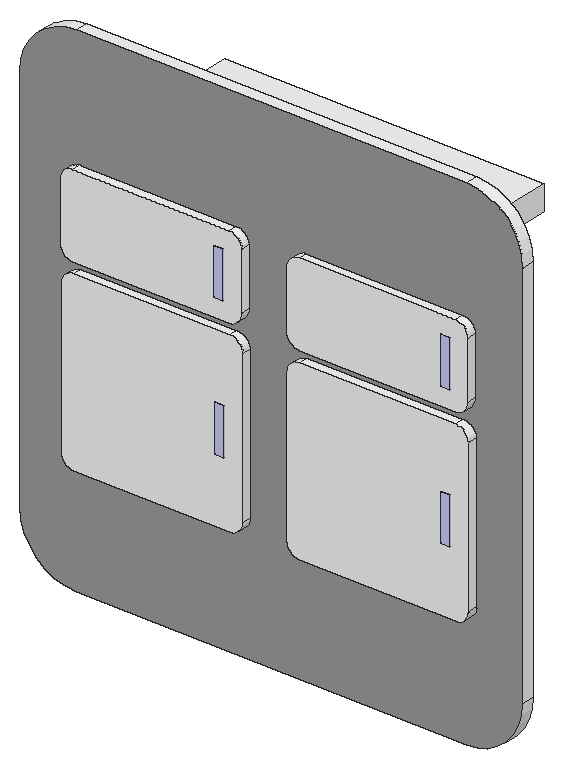
Revit family "EF_Veti-4x4-4-Lever-Switch-Horizontal-2-Narrow-2- Broad", category Electrical Fixtures, Revit 2016
Family settings
  Maintain Annotation Orientation = No
  Part Type = Switch
  Round Connector Dimension = Use Diameter
  Work Plane-Based = No
  Always vertical = Yes
  Cut with Voids When Loaded = No
  Shared = No
  Room Calculation Point = No
Parameters (values of type "4 Lever Switch Horizontal 2 Narrow 2 Broad")
  Voltage_x = 220 V
  URL for TCP = "http://www.tcpbim.co.za"
  URL = "http://www.major-tech.com/15-veti"
  Type Comments = "Switches"
  Switch Voltage = Voltage_x  # 220 V
  Switch Height [instance] = 1200 mm
  Materials [instance] = 0 mm
  Manufacturer = "VETI"
  Made by = "Tolani Civil Projects cc"
  Load = 2860 VA
  Description = "4x4 4 Lever Switch Horizontal 2 Narrow 2 Broad"
  Amperage = 16 A
Reference planes
  plane 1 "Center (Front/Back)": y = 0
  plane 2: z = 0
  plane 3 "Center (Left/Right)": x = 0
Forms (mm)
  Extrusion 1, solid, material "Plastic White"
    sketch origin (-181.105, 75, 0) x (1, 0, 0) y (0, 0, 1)
      loop
        arc (103.605, 1400) -> (87.695, 1393.41) -> (81.105, 1377.5) r 22.5
        line (81.105, 1377.5) -> (81.105, 1222.5)
        arc (81.105, 1222.5) -> (87.695, 1206.59) -> (103.605, 1200) r 22.5
        line (103.605, 1200) -> (258.605, 1200)
        arc (258.605, 1200) -> (274.515, 1206.59) -> (281.105, 1222.5) r 22.5
        line (281.105, 1222.5) -> (281.105, 1377.5)
        arc (281.105, 1377.5) -> (274.515, 1393.41) -> (258.605, 1400) r 22.5
        line (258.605, 1400) -> (103.605, 1400)
    from 75 to 80
  Extrusion 2, solid, material "Plastic White"
    sketch origin (-181.105, 0, 0) x (-1, 0, 0) y (0, 0, 1)
      loop
        line (-244.439, 1370) -> (-244.439, 1360) -> (-117.772, 1360) -> (-117.772, 1370) -> (-244.439, 1370)
    from 0 to 51.204
Cuts and joins
  joined: Extrusion 1, Extrusion 2
Dimensions and locks
  Extrusion 1 sketch curve to Extrusion 1 sketch curve = 200 mm
  Extrusion 2 sketch curve to Extrusion 2 sketch curve to Extrusion 1 = 10 mm, 30 mm
  Extrusion 2 sketch curve to Extrusion 2 sketch curve = 126.667 mm
  cut or joined group of Extrusion 1, Extrusion 2 to cut or joined group of Extrusion 1, Extrusion 2 = 200 mm
  cut or joined group of Extrusion 1, Extrusion 2 to cut or joined group of Extrusion 1, Extrusion 2 to cut or joined group of Extrusion 1, Extrusion 2 to cut or joined group of Extrusion 1, Extrusion 2 = 30 mm locked, 10 mm locked, 160 mm locked
  cut or joined group of Extrusion 1, Extrusion 2 to cut or joined group of Extrusion 1, Extrusion 2 to cut or joined group of Extrusion 1, Extrusion 2 = 51.204 mm locked, 5 mm locked
  cut or joined group of Extrusion 1, Extrusion 2 to cut or joined group of Extrusion 1, Extrusion 2 = 126.667 mm
  locked: cut or joined group of Extrusion 1, Extrusion 2 to plane 1 "Center (Front/Back)"
  cut or joined group of Extrusion 1, Extrusion 2 to nested 3 to nested 2 to nested 5 to nested 4 to cut or joined group of Extrusion 1, Extrusion 2 = 47.561 mm locked, 32.776 mm locked, 4.234 mm locked, 70.1 mm locked, 45.329 mm locked
  nested 5 to nested 2 to plane 3 "Center (Left/Right)" to nested 3 to nested 4 = 71.577 mm locked, 9.015 mm locked, 9.014 mm locked, 72.374 mm locked
  "Switch Height": cut or joined group of Extrusion 1, Extrusion 2 to level
  aligned and locked: level to plane 2
  aligned and locked: nested 1 to plane 1 "Center (Front/Back)"
  aligned and locked: nested 2 to nested 5
  aligned and locked: cut or joined group of Extrusion 1, Extrusion 2 to nested 4
  aligned and locked: cut or joined group of Extrusion 1, Extrusion 2 to nested 3
Automatic sketch dimensions
  Extrusion 1 sketch curve to plane 3 "Center (Left/Right)" = 100 mm
  plane 3 "Center (Left/Right)" to Extrusion 1 sketch curve = 77.5 mm  (x2)
  level to Extrusion 1 sketch curve = 1200 mm
  Extrusion 1 sketch curve to Extrusion 1 sketch curve = 22.5 mm  (x3)
  Extrusion 2 sketch curve to Extrusion 1 = 36.667 mm  (x2)
Nested families
  nested 1: "Power Point Test 1" at (0, 0, 0) x (-1, 0, 0) z (0, 0, 1), type "Receptacle Symbol"
  nested 2: "Switch" at (-45.003, -5, 200), type "Switch"
  nested 3: "Switch" at (45.001, -5, 200), type "Switch"
  nested 4: "Big Switch" at (44.997, -5, 166.296), type "Big Switch"
    with Length 70.1 mm
  nested 5: "Big Switch" at (-45.006, -4.654, 166.296), type "Big Switch"
    with Length 70.1 mm
Connectors
  electrical at (0, 25.602, 1370), driven by "Voltage_x", driven by "Load"
    settings: on cut or joined group of Extrusion 1, Extrusion 2, index 2, voltage 220 V, apparent load 0 VA, apparent load phase1 2860 VA, apparent load phase2 0 VA, apparent load phase3 0 VA, power factor 1, load classification "Other", number of poles 1, system type 31, power factor state 1, is connector primary yes, connector utility no, sub classification motor no, connector description ""
  electrical at (0, 25.602, 1370), driven by "Voltage_x", driven by "Load"
    settings: on cut or joined group of Extrusion 1, Extrusion 2, index 3, voltage 220 V, apparent load 0 VA, apparent load phase1 2860 VA, apparent load phase2 0 VA, apparent load phase3 0 VA, power factor 1, load classification "Other", number of poles 1, system type 31, power factor state 1, is connector primary no, connector utility no, sub classification motor no, connector description ""
  electrical at (0, 25.602, 1370), driven by "Voltage_x", driven by "Load"
    settings: on cut or joined group of Extrusion 1, Extrusion 2, index 4, voltage 220 V, apparent load 0 VA, apparent load phase1 2860 VA, apparent load phase2 0 VA, apparent load phase3 0 VA, power factor 1, load classification "Other", number of poles 1, system type 31, power factor state 1, is connector primary no, connector utility no, sub classification motor no, connector description ""
  electrical at (0, 25.602, 1370), driven by "Voltage_x", driven by "Load"
    settings: on cut or joined group of Extrusion 1, Extrusion 2, index 5, voltage 220 V, apparent load 0 VA, apparent load phase1 2860 VA, apparent load phase2 0 VA, apparent load phase3 0 VA, power factor 1, load classification "Other", number of poles 1, system type 31, power factor state 1, is connector primary no, connector utility no, sub classification motor no, connector description ""
Definition of nested family "Switch"
  Reference planes
    plane 1 "Center (Front/Back)": y = 0
    plane 2: z = 0
    plane 3 "Center (Left/Right)": x = 0
  Forms (mm)
    Extrusion 1, solid
      sketch origin (-1.754, 2.672, -0.197) x (1, 0, 0) y (0, 0, 1)
        loop
          arc (-29.234, 1152.636) -> (-32.77, 1151.171) -> (-34.234, 1147.636) r 5
          line (-34.234, 1147.636) -> (-34.234, 1124.86)
          arc (-34.234, 1124.86) -> (-32.77, 1121.324) -> (-29.234, 1119.86) r 5
          line (-29.234, 1119.86) -> (32.741, 1119.86)
          arc (32.741, 1119.86) -> (36.277, 1121.324) -> (37.741, 1124.86) r 5
          line (37.741, 1124.86) -> (37.741, 1147.636)
          arc (37.741, 1147.636) -> (36.277, 1151.171) -> (32.741, 1152.636) r 5
          line (32.741, 1152.636) -> (-29.234, 1152.636)
      from 6.186 to 2.672
    Extrusion 2, solid
      sketch origin (0, 0, 0) x (1, 0, 0) y (0, 0, 1)
        loop
          line (28.988, 1145.439) -> (25.488, 1145.439) -> (25.488, 1126.663) -> (28.988, 1126.663) -> (28.988, 1145.439)
      from 0 to 3.974
  Dimensions and locks
    aligned and locked: plane 2 to level
    aligned and locked: Extrusion 1 to plane 1 "Center (Front/Back)"
Definition of nested family "Big Switch"
  Parameters
    Length [instance] = 70.1 mm
  Reference planes
    plane 1 "Center (Front/Back)": y = 0
    plane 2: z = 0
    plane 3 "Center (Left/Right)": x = 0
    plane 4: z = 1079.033
    plane 5: z = 1149.133
    plane 6: z = 1123.483
    plane 7: z = 1114.083
    plane 8: z = 1104.683
  Forms (mm)
    Extrusion 1, solid
      sketch origin (-1.351, 2.326, -40.827) x (1, 0, 0) y (0, 0, 1)
        loop
          arc (-29.234, 1189.96) -> (-32.77, 1188.495) -> (-34.234, 1184.96) r 5
          line (-34.234, 1184.96) -> (-34.234, 1124.86)
          arc (-34.234, 1124.86) -> (-32.77, 1121.324) -> (-29.234, 1119.86) r 5
          line (-29.234, 1119.86) -> (32.741, 1119.86)
          arc (32.741, 1119.86) -> (36.277, 1121.324) -> (37.741, 1124.86) r 5
          line (37.741, 1124.86) -> (37.741, 1184.96)
          arc (37.741, 1184.96) -> (36.277, 1188.495) -> (32.741, 1189.96) r 5
          line (32.741, 1189.96) -> (-29.234, 1189.96)
      from 6.186 to 0.253
    Extrusion 2, solid
      sketch origin (0.402, -0.346, -40.63) x (1, 0, 0) y (0, 0, 1)
        loop
          line (28.988, 1164.113) -> (25.488, 1164.113) -> (25.488, 1145.313) -> (28.988, 1145.313) -> (28.988, 1164.113)
      from 0 to 3.974
  Dimensions and locks
    "Length": plane 5 to plane 4
    equal spacing: plane 6, plane 7, plane 8
    equal spacing: plane 5, plane 7, plane 4
    aligned and locked: plane 2 to level
    aligned and locked: plane 6 to Extrusion 2
    aligned and locked: plane 8 to Extrusion 2
  Automatic sketch dimensions
    Extrusion 1 sketch curve to plane 4 = 0 mm
    Extrusion 1 sketch curve to plane 5 = 0 mm
    plane 4 to Extrusion 1 sketch curve = 5 mm  (x2)
    Extrusion 1 sketch curve to plane 3 "Center (Left/Right)" = 35.586 mm
    Extrusion 1 sketch curve to Extrusion 1 sketch curve = 5 mm  (x2)
    plane 3 "Center (Left/Right)" to Extrusion 1 sketch curve = 31.39 mm
    Extrusion 2 sketch curve to plane 6 = 0 mm
    Extrusion 2 sketch curve to plane 8 = 0 mm
    plane 3 "Center (Left/Right)" to Extrusion 2 sketch curve = 25.89 mm
    Extrusion 2 sketch curve to Extrusion 2 sketch curve = 3.5 mm
Definition of nested family "Power Point Test 1"
  Parameters
    Plug Point Height = 1200 mm
  Reference planes
    plane 1: y = 0
    plane 2: x = 0
  Lines and regions (mm)
    Filled region 1, type "Filled region 1"
      outline origin (0.028, 0.162, 0) x (1, 0, 0) y (0, 1, 0)
        loop
          circle (-0.012, 2.074) r 0.25
    detail lines
      curve 1: line (-0.442, -0.034, 0) -> (-0.442, 0.736, 0)
      curve 2: arc (1.505, 0.736, 0) -> (0.005, 2.236, 0) -> (-1.495, 0.736, 0) r 1.5
      curve 3: line (0.451, -0.034, 0) -> (0.451, 0.736, 0)
      curve 4: line (-1.495, 0.736, 0) -> (1.505, 0.736, 0)
      curve 5: line (0.005, 2.236, 0) -> (0.005, 3.953, 0)
      curve 6: line (0.005, 3.953, 0) -> (0.799, 3.953, 0)
      curve 7: line (0.005, 3.432, 0) -> (0.799, 3.432, 0)
      curve 8: line (0.005, 3.689, 0) -> (0.799, 3.689, 0)
      curve 9: line (0.005, 3.173, 0) -> (0.799, 3.173, 0)
  Text (mm)
    label "A" at (-2.189, 3.565, 0), shows "Plug Point Height"
    text "S4" at (-0.646, 1.988, 0)
  Dimensions and locks
    curve 1 to curve 3 = 0.893 mm
